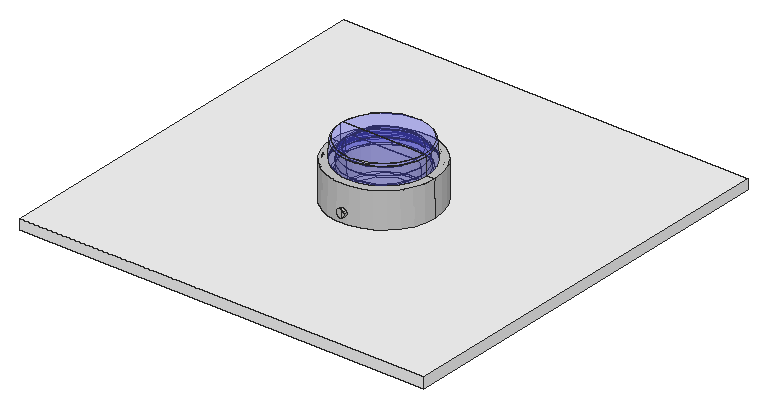
Revit family "BE_24037_de_DE", category Leuchten, Revit 2020
Family settings
  Basisbauteil = Fläche
  Bemaßung runder Anschluss = Durchmesser verwenden
  Teiletyp = Normal
  Beim Laden mit Abzugskörper schneiden = Ja
  Lichtquelle = Ja
  Gemeinsam genutzt = Nein
  Raumberechnungspunkt = Ja
Parameters (values of type "BEGA_24037_Silber_K4")
  built-in parameter 1150104 = 18.088 (stored number, unit not read)
  Wattage = 0.95 W
  Default Elevation = 0 mm
  built-in parameter 1150113 = 1 (stored number, unit not read)
  built-in parameter 1114218 = 1 (stored number, unit not read)
  Umgebungstemperatur = "25 °C"
  URL = "https://www.bega.com/de/produkt/24037"
  Typenkommentare = "© 2022 BEGA. Wir behalten uns das Recht vor, technische Änderungen ohne vorherige Ankündigung vorzunehmen."  # constant formula
  Type Image = 24037.png
  built-in parameter 1150134 = 12
  built-in parameter 1150109 = 1 (stored number, unit not read)
  Strom = ""
  built-in parameter 1150110 = 1 (stored number, unit not read)
  Spannung = 239.996 V
  Sonderanfertigung = no
  Seriennummer [instance] = "Hier können Sie die eindeutige Seriennummer für das Facility Management eintragen."
  Schutzklasse = "I"
  Schutzart = "IP 65"
  Scheinlast = 0 VA
  Produktdatenblatt = "https://cdn.bega.com/bega/products/24037AK3/current/documents/data-sheets/de"
  Oberflächentemperatur = ""
  Neigungswinkel = 0.00°
  Modell = "24037AK4"
  Material_17 = BEGA_Reflektor
  Material_15 = BEGA_Leuchtmedium_matt
  Material_11 = BEGA_Glas_opal
  Material_09 = BEGA_Glas_klar
  Material_06 = BEGA_Oberfläche_Edelstahl_gebürstet
  Material_03 = BEGA_Oberfläche_Weiss_matt
  Material_02 = BEGA_Oberfläche_Silber_matt
  Material_01 [instance] = BEGA_Oberfläche_Grafit_matt
  M_W = no
  M_G = no
  M_A = yes
  Logo = 0
  built-in parameter 1114217 = 1 (stored number, unit not read)
  built-in parameter 1150139 = (empty or 0)
  built-in parameter 1150105 = 14.719 (stored number, unit not read)
  built-in parameter 1150114 = 1 (stored number, unit not read)
  Lumens = 184.965 lm
  built-in parameter 1150115 = 1 (stored number, unit not read)
  Leuchtenlichtstrom = "114 lm"
  Leuchtenanzahl = ""
  Lebensdauerkriterien = "L70B50 @ 25 °C = 200000 h"
  Lastklassifizierung = Beleuchtung
  built-in parameter 1150112 = 1 (stored number, unit not read)
  Lampenlichtstrom = "200 lm"
  Lampe = "LED 0.9 W"
  LED_Modulbezeichnung = "LED-0238/840"
  built-in parameter 1150142 = (empty or 0)
  Hersteller = "BEGA"  # constant formula
  Halbstreuwinkel = ""
  Gewicht = "0.6 kg"
  Gebrauchslageneinschränkung [instance] = ""
  Frequenz = "50-60 Hz"
  Farbwiedergabeindex = "CRI > 80"
  Farbtemperaturverschiebung bei Dämpfen der Lampe = <Keine Auswahl>
  Farbtemperatur = "4000 K"
  Color Filter = 16777215
  built-in parameter 1150133 = 10 (stored number, unit not read)
  Energieeffizienzklasse = "LED A++ - A"
  built-in parameter 1150137 = (empty or 0)
  built-in parameter 1150132 = (empty or 0)
  ENEC = "ja"
  Dimmbar [instance] = "on/off"
  Datei für fotometrisches Netz = "BE_24037K4.IES"
  CE_Konformität = "ja"
  Bestellnummer = "24037AK4"
  Beschreibung_Sonderanfertigung = "Hier können Sie Informationen zur Sonderanfertigung eintragen."
  Beschreibung = "Decken- und Wandleuchte"
  built-in parameter 1150106 = 0.14719 (stored number, unit not read)
  Befestigungsbohrung = "Ø 4,5 mm"
  Befestigungsabstand = "60 mm"
  Ballwurfsicher = ""
  BEGA_Intern_aus = yes
  BEGA_Intern_an = yes
  BEGA_Intern_Konstruktion = yes
  BEGA_Intern = yes
  BEGA_IES = yes
  BEGA_Dummy = no
  Anschlussleitung = ""
  Anschlussleistung [instance] = "1.6 W"
  Anschlusskasten = ""
  built-in parameter 1150107 = 4000 (stored number, unit not read)
  built-in parameter 1150102 = (empty or 0)
  built-in parameter 1150138 = (empty or 0)
  Aktualisierung = "2022-05-18T04:00:07"
  Abstand_zur_angestrahlten_Fläche [instance] = ""
  AC/DC = "AC"
Types (4, lengths in mm): name | built-in parameter 1150104 | built-in parameter 1150134 | Modell | M_G | M_A | built-in parameter 1150105 | Lumens | Leuchtenlichtstrom | Lampenlichtstrom | LED_Modulbezeichnung | Farbtemperatur | Datei für fotometrisches Netz | Bestellnummer | built-in parameter 1150106 | built-in parameter 1150107
  BEGA_24037_Silber_K3 | 17.605 (stored number, unit not read) | (empty or 0) | "24037AK3" | no | yes | 14.326 (stored number, unit not read) | 180.025 lm | "110 lm" | "195 lm" | "LED-0238/830" | "3000 K" | "BE_24037K3.IES" | "24037AK3" | 0.14326 (stored number, unit not read) | 3000 (stored number, unit not read)
  BEGA_24037_Grafit_K3 | 17.605 (stored number, unit not read) | (empty or 0) | "24037K3" | yes | no | 14.326 (stored number, unit not read) | 180.025 lm | "110 lm" | "195 lm" | "LED-0238/830" | "3000 K" | "BE_24037K3.IES" | "24037K3" | 0.14326 (stored number, unit not read) | 3000 (stored number, unit not read)
  BEGA_24037_Silber_K4 | 18.088 (stored number, unit not read) | 12 | "24037AK4" | no | yes | 14.719 (stored number, unit not read) | 184.965 lm | "114 lm" | "200 lm" | "LED-0238/840" | "4000 K" | "BE_24037K4.IES" | "24037AK4" | 0.14719 (stored number, unit not read) | 4000 (stored number, unit not read)
  BEGA_24037_Grafit_K4 | 18.088 (stored number, unit not read) | 12 | "24037K4" | yes | no | 14.719 (stored number, unit not read) | 184.965 lm | "114 lm" | "200 lm" | "LED-0238/840" | "4000 K" | "BE_24037K4.IES" | "24037K4" | 0.14719 (stored number, unit not read) | 4000 (stored number, unit not read)
Reference planes
  plane 1 "Mitte (Vorne/Hinten)": y = 0
  plane 2: z = 0
  plane 3 "Mitte (Links/Rechts)": x = 0
  plane 4 "Links": x = -51.402
  plane 5 "Rechts": x = 51.402
  plane 6 "Unten": y = -51.405
  plane 7 "Oben": y = 51.409
  plane 8 "Vorne": z = 53.5
  plane 9 "Hinten": z = 0
Forms (mm)
  Extrusion 1, solid, material "BEGA_Platte_Weiss"
    sketch origin (0, -1119.2, 0) x (1, 0, 0) y (0, 1, 0)
      loop
        line (-200, 1319.2) -> (-200, 919.2) -> (200, 919.2) -> (200, 1319.2) -> (-200, 1319.2)
    from 0 to -10
  Extrusion 2, solid, material "BEGA_Dummy_matt", visible <- "BEGA_Dummy"
    sketch origin (77.149, -76.023, 0) x (1, 0, 0) y (0, 1, 0)
      loop
        circle (-77.149, 76.023) r 51.402
    from 0 to 53.5
Dimensions and locks
  plane 1 "Mitte (Vorne/Hinten)" to Extrusion 1 = 200 mm
  aligned and locked: plane 2 to Extrusion 1
  aligned and locked: level to Extrusion 1
Nested families
  nested 1: "BE_24037" at (0, 0, 0), type "BE_24037"
Connectors
  electrical at (0, 0, 0), driven by "Lastklassifizierung", driven by "Spannung", driven by "Scheinlast"
    settings: index 1, voltage 239.996 V, apparent load 0 VA, apparent load phase1 0 VA, apparent load phase2 0 VA, apparent load phase3 0 VA, power factor 1, load classification "Beleuchtung", number of poles 1, system type 31, power factor state 1, is connector primary yes, connector utility no, sub classification motor no, connector description ""
Definition of nested family "BE_24037"
  Parameters (values of type "BE_24037")
    Default Elevation = 1 mm
    URL = "http://www.bega.de/de/produkt"
    Type Comments = "© 2015 BEGA. Wir behalten uns das Recht vor, technische Änderungen ohne vorherige Ankündigung vorzunehmen. "  # constant formula
    Type Image = (empty or 0)
    Material_17 = none
    Material_15 = none
    Material_11 = none
    Material_09 = none
    Material_06 = none
    Material_02 = none
    Material_01 = none
    M_W = yes
    M_G = yes
    M_A = yes
    Länge_Platte = 200 mm  # constant formula
    Höhe_Platte = -10 mm  # constant formula
    Manufacturer = "BEGA"  # constant formula
    Breite_Platte = 200 mm  # constant formula
  Reference planes
    plane 1 "Mitte (Oben/Unten)": y = 0
    plane 2: z = 0
    plane 3 "Mitte (Links/Rechts)": x = 0
    plane 4 "Vorne": z = 53.5
    plane 5 "Links": x = -51.402
    plane 6 "Oben": y = 51.409
    plane 7 "Unten": y = -51.405
    plane 8: x = 51.402
  Forms (mm)
    Extrusion 1, solid, detail levels medium
      sketch origin (0, 0, 0) x (1, 0, 0) y (0, 1, 0)
        loop
          line (-100, 100) -> (-100, -100) -> (100, -100) -> (100, 100) -> (-100, 100)
      from 0 to -10 <- "Höhe_Platte"
    Revolve 2, solid, material <- "Material_01", visible <- "M_G", detail levels medium+fine
      sketch origin (0, 0, 0) x (1, 0, 0) y (0, 0, 1)
        loop
          line (-38.756, 0) -> (0, 0) -> (0, 2.9) -> (-8.188, 2.9) -> (-13.502, 2.9) -> (-30.503, 2.9) -> (-35.586, 2.9)
          arc (-35.586, 2.9) -> (-36.26, 3.163) -> (-36.58, 3.813) r 1
          line (-36.58, 3.813) -> (-38.565, 26.5) -> (-40.446, 26.5) -> (-47.895, 26.5)
          arc (-47.895, 26.5) -> (-47.998, 23.249) -> (-47.833, 20) r 39.338
          line (-47.833, 20) -> (-40.506, 20) -> (-38.756, 0)
        axis (0, 0) -> (0, 26.5)
      angle from 0 to 360
    Revolve 3, solid, material <- "Material_11", detail levels medium+fine
      sketch origin (0, 0, 0) x (1, 0, 0) y (0, 0, 1)
        loop
          line (0, 53.5) -> (-40.643, 53.5) -> (-42.357, 51.901) -> (-42.966, 34.464)
          arc (-42.966, 34.464) -> (-43.271, 33.78) -> (-43.966, 33.5) r 1
          line (-43.966, 33.5) -> (-47, 33.5)
          arc (-47, 33.5) -> (-47.354, 33.354) -> (-47.5, 33) r 0.5
          line (-47.5, 33) -> (-47.5, 29)
          arc (-47.5, 29) -> (-47.354, 28.646) -> (-47, 28.5) r 0.5
          line (-47, 28.5) -> (-37.5, 28.5) -> (-37.5, 33.5) -> (-37.12, 40.756)
          arc (-37.12, 40.756) -> (-35.572, 44.124) -> (-32.131, 45.5) r 5
          line (-32.131, 45.5) -> (0, 45.5) -> (0, 53.5)
        axis (0, 53.5) -> (0, 28.5)
      angle from 0 to 360
    Revolve 4, solid, material <- "Material_01", visible <- "M_G", detail levels medium+fine
      sketch origin (0, 0, 0) x (1, 0, 0) y (0, 0, 1)
        loop
          line (-50.8, 35.5) -> (-51.402, 1) -> (-49.059, 1) -> (-48.491, 33.5) -> (-43.57, 33.5) -> (-43.5, 35.5) -> (-50.8, 35.5)
        axis (0, 1) -> (0, 35.5)
      angle from 0 to 360
    Extrusion 5, void
      sketch origin (0, 0, 0) x (1, 0, 0) y (0, 1, 0)
        loop
          circle (0, -17.524) r 7.5
      from -1.713 to 2.9
    Extrusion 6, void
      sketch origin (0, 0, 0) x (1, 0, 0) y (0, 1, 0)
        loop
          circle (-30, 0) r 2.75
        loop
          circle (30, 0) r 2.75
      from 0 to 2.9
    Revolve 7, solid, material <- "Material_02", visible <- "M_A", detail levels medium+fine
      sketch origin (0, 0, 0) x (1, 0, 0) y (0, 0, 1)
        loop
          line (-38.756, 0) -> (0, 0) -> (0, 2.9) -> (-8.188, 2.9) -> (-13.502, 2.9) -> (-30.503, 2.9) -> (-35.586, 2.9)
          arc (-35.586, 2.9) -> (-36.26, 3.163) -> (-36.58, 3.813) r 1
          line (-36.58, 3.813) -> (-38.565, 26.5) -> (-40.446, 26.5) -> (-47.895, 26.5)
          arc (-47.895, 26.5) -> (-47.998, 23.249) -> (-47.833, 20) r 39.338
          line (-47.833, 20) -> (-40.506, 20) -> (-38.756, 0)
        axis (0, 0) -> (0, 26.5)
      angle from 0 to 360
    Revolve 8, solid, material <- "Material_02", visible <- "M_A", detail levels medium+fine
      sketch origin (0, 0, 0) x (1, 0, 0) y (0, 0, 1)
        loop
          line (-50.8, 35.5) -> (-51.402, 1) -> (-49.059, 1) -> (-48.491, 33.5) -> (-43.57, 33.5) -> (-43.5, 35.5) -> (-50.8, 35.5)
        axis (0, 1) -> (0, 35.5)
      angle from 0 to 360
    Extrusion 9, void
      sketch origin (0, 0, 0) x (1, 0, 0) y (0, 1, 0)
        loop
          circle (0, -17.524) r 7.5
      from -1.713 to 2.9
    Extrusion 10, void
      sketch origin (0, 0, 0) x (1, 0, 0) y (0, 1, 0)
        loop
          circle (-30, 0) r 2.75
        loop
          circle (30, 0) r 2.75
      from 0 to 2.9
    Revolve 11, solid, material <- "Material_06", detail levels fine
      sketch origin (0, 0, 0) x (0, 1, 0) y (0, 0, 1)
        loop
          line (-51.2, 14.5) -> (-53.7, 14.5) -> (-53.7, 10.5) -> (-51.2, 10.5) -> (-51.2, 14.5)
        axis (-51.2, 10.5) -> (-53.7, 10.5)
      angle from 0 to 360
  Cuts and joins
    Extrusion 5, Extrusion 6, Extrusion 9, Extrusion 10 cuts Revolve 2
    Extrusion 9, Extrusion 10 cuts Revolve 7
  Dimensions and locks
    equal spacing: Extrusion 1 sketch curve, plane 3 "Mitte (Links/Rechts)", Extrusion 1 sketch curve
    equal spacing: Extrusion 1 sketch curve, plane 1 "Mitte (Oben/Unten)", Extrusion 1 sketch curve
    "Länge_Platte": Extrusion 1 sketch curve to Extrusion 1 sketch curve
    "Breite_Platte": Extrusion 1 sketch curve to Extrusion 1 sketch curve
    aligned and locked: Extrusion 1 to plane 2
    aligned and locked: level to Extrusion 1
  Automatic sketch dimensions
    Revolve 2 sketch curve to level = 0 mm  (x2)
    Revolve 2 sketch curve to plane 3 "Mitte (Links/Rechts)" = 0 mm  (x2)
    level to Revolve 2 sketch curve = 2.9 mm
    Revolve 2 sketch curve to Revolve 2 sketch curve = 8.188 mm
    Revolve 2 sketch curve to plane 3 "Mitte (Links/Rechts)" = 8.662 mm
    Revolve 2 sketch curve to Revolve 2 sketch curve = 5.314 mm
    Revolve 2 sketch curve to Revolve 2 sketch curve = 17.001 mm
    Revolve 2 sketch curve to Revolve 2 sketch curve = 5.081 mm
    Revolve 2 sketch curve to Revolve 2 sketch curve = 0.002 mm
    Revolve 2 sketch curve to Revolve 2 sketch curve = 2.981 mm
    Revolve 2 sketch curve to Revolve 2 sketch curve = 3.17 mm
    Revolve 2 sketch curve to Revolve 2 sketch curve = 1.881 mm
    level to Revolve 2 sketch curve = 20 mm
    Revolve 2 sketch curve to Revolve 2 sketch curve = 0.06 mm
    Revolve 2 sketch curve to Revolve 2 sketch curve = 1 mm
    Revolve 2 sketch curve to Revolve 2 sketch curve = 6.5 mm
    Revolve 2 sketch curve to Revolve 2 sketch curve = 0.996 mm
    level to Revolve 2 sketch curve = 3.813 mm
    Revolve 2 sketch curve to Revolve 2 sketch curve = 0 mm
    Revolve 2 sketch curve to Revolve 2 sketch curve = 7.327 mm
    Revolve 2 sketch curve to Revolve 2 sketch curve = 0.063 mm
    Revolve 2 sketch curve to Revolve 2 sketch curve = 14.698 mm
    Revolve 3 sketch curve to plane 3 "Mitte (Links/Rechts)" = 0 mm  (x2)
    Revolve 3 sketch curve to plane 3 "Mitte (Links/Rechts)" = 32.126 mm
    Revolve 3 sketch curve to Revolve 3 sketch curve = 0.004 mm
    Revolve 3 sketch curve to Revolve 3 sketch curve = 4.993 mm
    Revolve 3 sketch curve to Revolve 3 sketch curve = 0.38 mm
    Revolve 3 sketch curve to Revolve 3 sketch curve = 8.512 mm
    Revolve 3 sketch curve to Revolve 3 sketch curve = 1.715 mm
    Revolve 3 sketch curve to Revolve 3 sketch curve = 5.466 mm
    Revolve 3 sketch curve to Revolve 3 sketch curve = 0.999 mm
    Revolve 3 sketch curve to Revolve 3 sketch curve = 3.034 mm
    Revolve 3 sketch curve to Revolve 3 sketch curve = 0 mm  (x2)
    Revolve 3 sketch curve to Revolve 3 sketch curve = 0.5 mm
    level to Revolve 3 sketch curve = 28.5 mm
    Revolve 3 sketch curve to Revolve 3 sketch curve = 4 mm
    Revolve 3 sketch curve to Revolve 3 sketch curve = 5 mm
    Revolve 3 sketch curve to Revolve 3 sketch curve = 0.964 mm
    Revolve 3 sketch curve to Revolve 3 sketch curve = 7 mm  (x2)
    Revolve 3 sketch curve to Revolve 3 sketch curve = 0.256 mm
    Revolve 3 sketch curve to Revolve 3 sketch curve = 6.401 mm
    Revolve 3 sketch curve to Revolve 3 sketch curve = 1.599 mm
    Revolve 4 sketch curve to plane 3 "Mitte (Links/Rechts)" = 0 mm
    Revolve 4 sketch curve to plane 3 "Mitte (Links/Rechts)" = 43.5 mm
    Revolve 4 sketch curve to Revolve 4 sketch curve = 0.07 mm
    Revolve 4 sketch curve to Revolve 4 sketch curve = 4.921 mm
    level to Revolve 4 sketch curve = 1 mm
    Revolve 4 sketch curve to Revolve 4 sketch curve = 0.567 mm
    Revolve 4 sketch curve to Revolve 4 sketch curve = 2.309 mm
    Revolve 4 sketch curve to Revolve 4 sketch curve = 2.344 mm
    Revolve 4 sketch curve to Revolve 4 sketch curve = 32.5 mm
    Revolve 4 sketch curve to Revolve 4 sketch curve = 2 mm
    Revolve 4 sketch curve to level = 4 mm
    level to Revolve 4 sketch curve = 37.316 mm
    Extrusion 5 sketch curve to plane 3 "Mitte (Links/Rechts)" = 0 mm
    plane 1 "Mitte (Oben/Unten)" to Extrusion 5 sketch curve = 17.524 mm
    plane 1 "Mitte (Oben/Unten)" to Extrusion 6 sketch curve = 0 mm  (x2)
    Extrusion 6 sketch curve to plane 3 "Mitte (Links/Rechts)" = 30 mm
    plane 3 "Mitte (Links/Rechts)" to Extrusion 6 sketch curve = 30 mm
    Revolve 7 sketch curve to level = 0 mm  (x2)
    Revolve 7 sketch curve to plane 3 "Mitte (Links/Rechts)" = 0 mm  (x2)
    level to Revolve 7 sketch curve = 2.9 mm
    Revolve 7 sketch curve to Revolve 7 sketch curve = 8.188 mm
    Revolve 7 sketch curve to plane 3 "Mitte (Links/Rechts)" = 8.662 mm
    Revolve 7 sketch curve to Revolve 7 sketch curve = 5.314 mm
    Revolve 7 sketch curve to Revolve 7 sketch curve = 17.001 mm
    Revolve 7 sketch curve to Revolve 7 sketch curve = 5.081 mm
    Revolve 7 sketch curve to Revolve 7 sketch curve = 0.002 mm
    Revolve 7 sketch curve to Revolve 7 sketch curve = 2.981 mm
    Revolve 7 sketch curve to Revolve 7 sketch curve = 3.17 mm
    Revolve 7 sketch curve to Revolve 7 sketch curve = 1.881 mm
    level to Revolve 7 sketch curve = 20 mm
    Revolve 7 sketch curve to Revolve 7 sketch curve = 0.06 mm
    Revolve 7 sketch curve to Revolve 7 sketch curve = 7.327 mm
    Revolve 7 sketch curve to Revolve 7 sketch curve = 0.063 mm
    Revolve 7 sketch curve to Revolve 7 sketch curve = 1 mm
    Revolve 7 sketch curve to Revolve 7 sketch curve = 20.728 mm
    Revolve 7 sketch curve to Revolve 7 sketch curve = 0.996 mm
    level to Revolve 7 sketch curve = 3.813 mm
    Revolve 7 sketch curve to Revolve 7 sketch curve = 0 mm
    Revolve 7 sketch curve to Revolve 7 sketch curve = 14.698 mm
    Revolve 8 sketch curve to plane 3 "Mitte (Links/Rechts)" = 0 mm
    Revolve 8 sketch curve to plane 3 "Mitte (Links/Rechts)" = 43.5 mm
    Revolve 8 sketch curve to Revolve 8 sketch curve = 0.07 mm
    Revolve 8 sketch curve to Revolve 8 sketch curve = 4.921 mm
    level to Revolve 8 sketch curve = 1 mm
    Revolve 8 sketch curve to Revolve 8 sketch curve = 0.567 mm
    Revolve 8 sketch curve to Revolve 8 sketch curve = 2.309 mm
    Revolve 8 sketch curve to Revolve 8 sketch curve = 2.344 mm
    Revolve 8 sketch curve to Revolve 8 sketch curve = 32.5 mm
    Revolve 8 sketch curve to Revolve 8 sketch curve = 2 mm
    Revolve 8 sketch curve to level = 4 mm
    level to Revolve 8 sketch curve = 37.316 mm
    Extrusion 9 sketch curve to plane 3 "Mitte (Links/Rechts)" = 0 mm
    plane 1 "Mitte (Oben/Unten)" to Extrusion 9 sketch curve = 17.524 mm
    plane 1 "Mitte (Oben/Unten)" to Extrusion 10 sketch curve = 0 mm  (x2)
    Extrusion 10 sketch curve to plane 3 "Mitte (Links/Rechts)" = 30 mm
    plane 3 "Mitte (Links/Rechts)" to Extrusion 10 sketch curve = 30 mm
    Revolve 11 sketch curve to plane 7 "Unten" = 2.295 mm
    plane 7 "Unten" to Revolve 11 sketch curve = 0.205 mm
    level to Revolve 11 sketch curve = 10.5 mm
    Revolve 11 sketch curve to Revolve 11 sketch curve = 4 mm
    Revolve 11 sketch curve to Revolve 11 sketch curve = 3.057 mm
    Revolve 11 sketch curve to Revolve 11 sketch curve = 0 mm  (x2)
    radius of Extrusion 5 sketch curve = 7.5 mm
    radius of Extrusion 6 sketch curve = 2.75 mm  (x2)
    radius of Extrusion 9 sketch curve = 7.5 mm
    radius of Extrusion 10 sketch curve = 2.75 mm  (x2)
